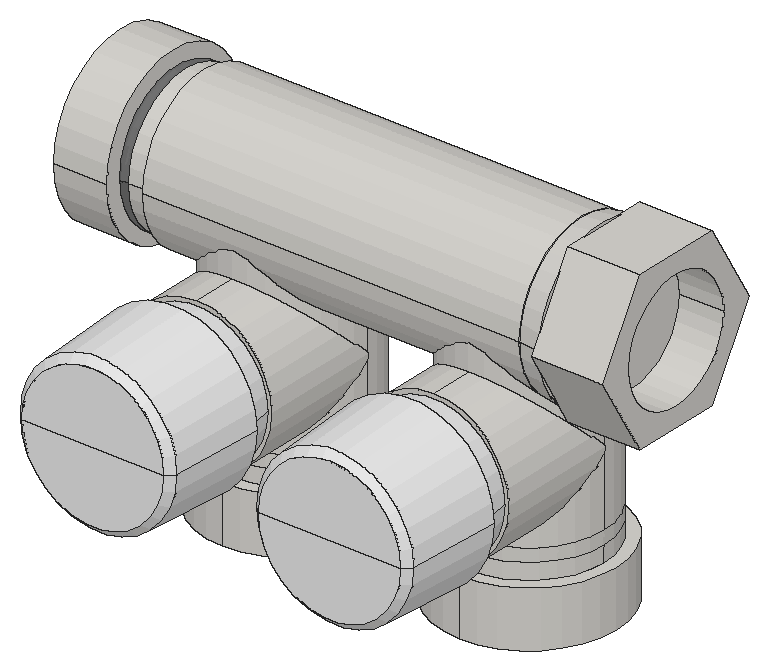
Revit family "a.txt", category Pipe Accessories, Revit 2018
Family settings
  Round Connector Dimension = Use Diameter
  Part Type = Normal
  OmniClass Number = 23.65.00.00
  OmniClass Title = Supply and Distribution of Liquids and Gases
  Work Plane-Based = No
  Always vertical = Yes
  Cut with Voids When Loaded = No
  Shared = No
Parameters (values of type "Defauly - please load Revit Family Type Catalog")
  Youtube clip = ""
  Weight Net (Kg) = "0"  # constant formula
  Void_Inner [instance] = Radius 3_Outer - 2 mm  # 12 mm
  Uniformat II Description = "PLUMBING"  # constant formula
  Uniformat II Code = "D20"  # constant formula
  Uniclass 2015 Name = "Water distribution and supply systems"  # constant formula
  Uniclass 2015 Code = "Ss_55_70"  # constant formula
  Uniclass 2.0 Description = "Piped Supply Elements"  # constant formula
  Uniclass 2.0 Code = "EE-55"  # constant formula
  Uniclass 1.4 Description = "Piped supply systems"  # constant formula
  Uniclass 1.4 Code = "JS"  # constant formula
  URL = "www.pintossi.it"
  UNSPSC Code = "401416"  # constant formula
  Technical description = ""
  State Pippe [instance] = Radius_ Middle Pippe - 0.5 mm  # 12.05 mm
  Region South America = "All"  # constant formula
  Region Oceania = "All"  # constant formula
  Region North America = "All"  # constant formula
  Region Middle East = "All"  # constant formula
  Region Europe = "All"  # constant formula
  Region Asia = "All"  # constant formula
  Region Antarctica = "All"  # constant formula
  Region Africa = "All"  # constant formula
  Radius_End Thread [instance] = Radius_ Middle Pippe + 0.5 mm  # 13.05 mm
  Radius_ Middle Pippe [instance] = Radius 1_Outer + 1 mm  # 12.55 mm
  Radius outer [instance] = Radius 1_Outer + 2 mm  # 13.55 mm
  Radius inner Main = [Main Inlet/Outlet Diameter] / 2  # 9.55 mm
  Radius 3_Inner [instance] = [Inlet/Outlet Diameter] / 2  # 12 mm
  Radius 3_Outer [instance] = Radius 3_Inner + 2 mm  # 14 mm
  Radius 1_Inner [instance] = Radius 1_Outer - 3 mm  # 8.55 mm
  Radius 1_Outer [instance] = [Main Inlet/Outlet Diameter] / 2 + 2 mm  # 11.55 mm
  QR code = "https://www.bimobject.com/pintossi/product/460-modular-distribution-manifold-with-valves"  # constant formula
  Product url = ""
  Product group = "LINEAR MANIFOLDS WITH VALVES"  # constant formula
  Product family = "MANIFOLDS"  # constant formula
  Product data url = "https://www.bimobject.com/pintossi/product/460-modular-distribution-manifold-with-valves"
  Product certification = ""
  Product SKU = "460-MODULAR-DISTRIBUTION-MANIFOLD-WITH-VALVES"  # constant formula
  Product Guid = "22ebe697-08f6-487b-a0da-4981bd81eda1"  # constant formula
  PH: = "Between 7 and 8"  # constant formula
  OmniClass Description = "Manifolds"  # constant formula
  OmniClass Code = "23-39 21 13 21"  # constant formula
  NBS Reference Description = "Piped Supply Elements"  # constant formula
  NBS Reference Code = "55"  # constant formula
  Model = "3/4\" x 24 x 19 - 2 ways - INT38"
  Maximum working temperature = 100 °C  # constant formula
  Maximum working pressure = 10.0 bar  # constant formula
  Maximum percentage of glycol [%] = 30  # constant formula
  Material secondary = ""
  Material main = "Brass"  # constant formula
  Material Product = ""
  Material Gaskets = Pintossi - Rubber - NBR
  Material Cap Protection = Pintossi - Plastic - ABS
  Material Body = Pintossi - Metal - Brass Nickeled CW617N
  Masterformat 2014 Description = "Hydraulic Manifolds"  # constant formula
  Masterformat 2014 Code = "35 20 12.19"  # constant formula
  Manufacturer name = "Pintossi+C"  # constant formula
  Manufacturer country = "Italy"  # constant formula
  Manufacturer = "pintossi+C"  # constant formula
  Main Inlet/Outlet Diameter = 19.1 mm
  Iron (FE): = "< 0,5 mg/kg (< 0,1 mg/kg for steam)\r\n"  # constant formula
  Installation instructions = ""
  Inlet/Outlet Diameter = 24 mm
  IFC Classification = "Distribution Flow Element"  # constant formula
  I = 25.5 mm
  Hexagon Radius [instance] = Hexagon Diameter / 2  # 14.55 mm
  Hexagon Diameter = [Main Inlet/Outlet Diameter] + 10 mm  # 29.1 mm
  H = 89 mm
  Fluid aspect: = "Limpid"  # constant formula
  F = 62 mm
  Edition number = 0
  EAN code = ""
  E = 45 mm
  Diameter 3_Inner [instance] = 19 mm
  Design country = "Italy"  # constant formula
  Description = "Pintossi+C modular manifolds with obliqued valves are the perfect solutions to be used on hydralulic and heating systems.\r\nThe valves assebled on each outlet allow the regulation of the flow and the exclusion of the final device for maintanace works.\r\nThe ergonomic wheelhandle makes the opening/closing operation very easy.\r\nEach manifolds is supplied with specific red and blue labels (hot and cold) for the correct designation of the outlet.\r\nThe sealing is guaranteed by PTM system (Pintossi soft sealing), which allow a quick and safe installation, without the use of additional sealing materials, like hemp of PTFE ribbon, which make possible a self-aligning connection."  # constant formula
  Date of publishing = ""
  Copper (CU): = "< 0,1 mg/kg (< 0,05 mg/kg for steam)"  # constant formula
  Connector Description 4 [instance] = if(not([4-Ways]), "Not available", "Inlet/Outlet")  # "Not available"
  Connector Description 3 [instance] = if(not([3-Ways]), "Not available", "Inlet/Outlet")  # "Not available"
  Conditioning: = "as indicated by the producer"  # constant formula
  COBIe Type Category = ""
  Brand url = "www.pintossi.it"
  BIMobject category = "Plumbing Valves"  # constant formula
  B2 = 38 mm
  B1 = 38 mm
  B = 38 mm
  Application fluids = "Water or glycol solutions"  # constant formula
  Antifreeze: = "Passiveted Propylene Glycol"  # constant formula
  A = 27.5 mm
  4-Ways = no
  3-Ways = no
Reference planes
  plane 1 "Center (Front/Back)": y = 0
  plane 2: z = 0
  plane 3 "Center (Left/Right)": x = 0
  plane 4: x = 89
  plane 5: x = 27.5
  plane 6: x = 65.5
  plane 7: x = 8.5
  plane 8: x = 103.5
  plane 9: x = 141.5
  plane 10: x = 10.5
  plane 11: x = 13.5
  plane 12: x = 77.468
  plane 13: x = 73.925
  plane 14: z = -45
  plane 15: z = -36
  plane 16: z = -33.43
  plane 17: z = -19.5
  plane 18: z = -31.315
  plane 19: y = 40
  plane 20: y = 19.223
  plane 21: y = 23.812
  plane 22: z = 1.573
  plane 23: x = 27.5
  plane 24: z = -19.5
  plane 25: x = 103.5
  plane 26: z = -19.5
  plane 27: x = 141.5
  plane 28: y = -40
  plane 29: y = -19.223
  plane 30: y = -23.812
  plane 31: x = 27.5
  plane 32: x = 65.5
  plane 33: x = 103.5
  plane 34: x = 141.5
  plane 35: z = -19.5
  plane 36: x = 27.5
  plane 37: z = -19.5
  plane 38: x = 65.5
  plane 39: z = -19.5
  plane 40: x = 103.5
  plane 41: z = -19.5
  plane 42: x = 141.5
  plane 43: y = -30.526
  plane 44: y = -19.223
  plane 45: y = -19.223
  plane 46: y = -19.223
  plane 47: y = -19.223
  plane 48: y = -19.223
  plane 49: y = -19.223
  plane 50: y = -19.223
Forms (mm)
  Sweep 1, solid, material "Pintossi - Metal - Brass Nickeled CW617N" <- "Material Body", detail levels fine
    path origin (0, 0, 0) x (1, 0, 0) y (0, 1, 0)
      loop
        line (0, 0) -> (8.5, 0)
    profile origin (4.25, 0, 0) x (0, 1, 0) y (0, 0, 1)
      loop
        circle (0, 0) r 13.55
  Revolve 2, solid, material "Pintossi - Rubber - NBR" <- "Material Gaskets", detail levels fine
    sketch origin (0, 0, 0) x (1, 0, 0) y (0, 1, 0)
      loop
        circle (9.497, 10.55) r 1
      axis (8.497, 0) -> (10.497, 0)
    angle from 0 to 360
  Sweep 3, solid, material "Pintossi - Metal - Brass Nickeled CW617N" <- "Material Body", detail levels fine
    path origin (19.028, -0.997, 0) x (1, 0, 0) y (0, 1, 0)
      loop
        line (-8.528, 0.997) -> (-5.528, 0.997)
    profile origin (12, 0, 0) x (0, 1, 0) y (0, 0, 1)
      loop
        circle (0, 0) r 11.55
  Sweep 4, solid, material "Pintossi - Metal - Brass Nickeled CW617N" <- "Material Body", detail levels fine
    path origin (0, 0, 0) x (1, 0, 0) y (0, 1, 0)
      loop
        line (13.5, 0) -> (73.925, 0)
    profile origin (43.712, 0, 0) x (0, 1, 0) y (0, 0, 1)
      loop
        circle (0, 0) r 12.55
  Sweep 5, solid, material "Pintossi - Metal - Brass Nickeled CW617N" <- "Material Body", detail levels fine
    path origin (0, 0, 0) x (1, 0, 0) y (0, -0.866025, 0.5)
      loop
        line (77.468, 0) -> (89, 0)
    profile origin (83.234, 0, 0) x (0, -0.866025, 0.5) y (0, -0.5, -0.866025)
      loop
        line (0, 14.55) -> (-12.601, 7.275) -> (-12.601, -7.275) -> (0, -14.55) -> (12.601, -7.275) -> (12.601, 7.275) -> (0, 14.55)
  Sweep 6, solid, material "Pintossi - Metal - Brass Nickeled CW617N" <- "Material Body", detail levels fine
    path origin (0, 0, 0) x (1, 0, 0) y (0, 0, 1)
      loop
        line (27.5, -36) -> (27.5, -45)
    profile origin (27.5, 0, -40.5) x (0, -1, 0) y (1, 0, 0)
      loop
        circle (0, 0) r 14
  Sweep 7, solid, material "Pintossi - Metal - Brass Nickeled CW617N" <- "Material Body", detail levels fine
    path origin (0, 0, 0) x (1, 0, 0) y (0, 0, 1)
      loop
        line (27.5, -36) -> (27.5, -33.43)
    profile origin (27.5, 0, -34.715) x (-1, 0, 0) y (0, -1, 0)
      loop
        circle (0, 0) r 12
  SweptBlend 8, solid, material "Pintossi - Metal - Brass Nickeled CW617N" <- "Material Body", detail levels fine
    path origin (0, 0, 0) x (1, 0, 0) y (0, 1, 0)
      loop
        line (73.925, 0) -> (77.468, 0)
    profile origin (73.925, 0, 0) x (0, 1, 0) y (0, 0, 1)
      loop
        circle (0, 0) r 12.55
    end profile origin (77.468, 0, 0) x (0, 1, 0) y (0, 0, 1)
      loop
        circle (0, 0) r 13.05
  Sweep 9, solid, material "Pintossi - Metal - Brass Nickeled CW617N" <- "Material Body", detail levels fine
    path origin (38, 0, 0) x (1, 0, 0) y (0, 0, 1)
      loop
        line (27.5, -36) -> (27.5, -45)
    profile origin (65.5, 0, -40.5) x (0, -1, 0) y (1, 0, 0)
      loop
        circle (0, 0) r 14
  Sweep 10, solid, material "Pintossi - Metal - Brass Nickeled CW617N" <- "Material Body", detail levels fine
    path origin (38, 0, 0) x (1, 0, 0) y (0, 0, 1)
      loop
        line (27.5, -36) -> (27.5, -33.43)
    profile origin (65.5, 0, -34.715) x (-1, 0, 0) y (0, -1, 0)
      loop
        circle (0, 0) r 12
  Sweep 11, solid, material "Pintossi - Metal - Brass Nickeled CW617N" <- "Material Body", visible <- "3-Ways", detail levels fine
    path origin (76, 0, 0) x (1, 0, 0) y (0, 0, 1)
      loop
        line (27.5, -36) -> (27.5, -45)
    profile origin (103.5, 0, -40.5) x (0, -1, 0) y (1, 0, 0)
      loop
        circle (0, 0) r 14
  Sweep 12, solid, material "Pintossi - Metal - Brass Nickeled CW617N" <- "Material Body", visible <- "3-Ways", detail levels fine
    path origin (76, 0, 0) x (1, 0, 0) y (0, 0, 1)
      loop
        line (27.5, -36) -> (27.5, -33.43)
    profile origin (103.5, 0, -34.715) x (-1, 0, 0) y (0, -1, 0)
      loop
        circle (0, 0) r 12
  Sweep 13, solid, material "Pintossi - Metal - Brass Nickeled CW617N" <- "Material Body", visible <- "4-Ways", detail levels fine
    path origin (114, 0, 0) x (1, 0, 0) y (0, 0, 1)
      loop
        line (27.5, -36) -> (27.5, -45)
    profile origin (141.5, 0, -40.5) x (0, -1, 0) y (1, 0, 0)
      loop
        circle (0, 0) r 14
  Sweep 14, solid, material "Pintossi - Metal - Brass Nickeled CW617N" <- "Material Body", visible <- "4-Ways", detail levels fine
    path origin (114, 0, 0) x (1, 0, 0) y (0, 0, 1)
      loop
        line (27.5, -36) -> (27.5, -33.43)
    profile origin (141.5, 0, -34.715) x (-1, 0, 0) y (0, -1, 0)
      loop
        circle (0, 0) r 12
  Sweep 15, solid, material "Pintossi - Metal - Brass Nickeled CW617N" <- "Material Body", detail levels fine
    path origin (0, 0, 0) x (1, 0, 0) y (0, 0, 1)
      loop
        line (27.5, -31.315) -> (27.5, 0)
    profile origin (27.5, 0, -15.658) x (-1, 0, 0) y (0, -1, 0)
      loop
        circle (0, 0) r 12.05
  Sweep 16, solid, material "Pintossi - Metal - Brass Nickeled CW617N" <- "Material Body", detail levels fine
    path origin (38, 0, 0) x (1, 0, 0) y (0, 0, 1)
      loop
        line (27.5, -31.315) -> (27.5, 0)
    profile origin (65.5, 0, -15.658) x (-1, 0, 0) y (0, -1, 0)
      loop
        circle (0, 0) r 12.05
  Sweep 17, solid, material "Pintossi - Metal - Brass Nickeled CW617N" <- "Material Body", visible <- "3-Ways", detail levels fine
    path origin (76, 0, 0) x (1, 0, 0) y (0, 0, 1)
      loop
        line (27.5, -31.315) -> (27.5, 0)
    profile origin (103.5, 0, -15.658) x (-1, 0, 0) y (0, -1, 0)
      loop
        circle (0, 0) r 12.05
  Sweep 18, solid, material "Pintossi - Metal - Brass Nickeled CW617N" <- "Material Body", visible <- "4-Ways", detail levels fine
    path origin (114, 0, 0) x (1, 0, 0) y (0, 0, 1)
      loop
        line (27.5, -31.315) -> (27.5, 0)
    profile origin (141.5, 0, -15.658) x (-1, 0, 0) y (0, -1, 0)
      loop
        circle (0, 0) r 12.05
  SweptBlend 19, solid, material "Pintossi - Metal - Brass Nickeled CW617N" <- "Material Body", detail levels fine
    path origin (55, 0, -58.883) x (-1, 0, 0) y (0, 0, -1)
      loop
        line (27.5, -27.568) -> (27.5, -25.453)
    profile origin (27.5, 0, -31.315) x (0, -1, 0) y (1, 0, 0)
      loop
        circle (0, 0) r 12.05
    end profile origin (27.5, 0, -33.43) x (0, -1, 0) y (1, 0, 0)
      loop
        circle (0, 0) r 12
  Revolve 20, solid, material "Pintossi - Plastic - ABS" <- "Material Cap Protection", not visible, detail levels fine
    sketch origin (0, 0, 1.573) x (1, 0, 0) y (0, 1, 0)
      loop
        line (16.103, 19.223) -> (27.5, 19.223) -> (27.5, 40) -> (16.077, 40) -> (14.912, 38.836) -> (14.125, 23.812) -> (15.294, 23.812) -> (16.103, 19.223)
      axis (27.5, 40) -> (27.5, 19.223)
    angle from 0 to 360
  SweptBlend 21, solid, material "Pintossi - Metal - Brass Nickeled CW617N" <- "Material Body", detail levels fine
    path origin (93, 0, -58.883) x (-1, 0, 0) y (0, 0, -1)
      loop
        line (27.5, -27.568) -> (27.5, -25.453)
    profile origin (65.5, 0, -31.315) x (0, -1, 0) y (1, 0, 0)
      loop
        circle (0, 0) r 12.05
    end profile origin (65.5, 0, -33.43) x (0, -1, 0) y (1, 0, 0)
      loop
        circle (0, 0) r 12
  SweptBlend 22, solid, material "Pintossi - Metal - Brass Nickeled CW617N" <- "Material Body", visible <- "3-Ways", detail levels fine
    path origin (131, 0, -58.883) x (-1, 0, 0) y (0, 0, -1)
      loop
        line (27.5, -27.568) -> (27.5, -25.453)
    profile origin (103.5, 0, -31.315) x (0, -1, 0) y (1, 0, 0)
      loop
        circle (0, 0) r 12.05
    end profile origin (103.5, 0, -33.43) x (0, -1, 0) y (1, 0, 0)
      loop
        circle (0, 0) r 12
  SweptBlend 23, solid, material "Pintossi - Metal - Brass Nickeled CW617N" <- "Material Body", visible <- "4-Ways", detail levels fine
    path origin (169, 0, -58.883) x (-1, 0, 0) y (0, 0, -1)
      loop
        line (27.5, -27.568) -> (27.5, -25.453)
    profile origin (141.5, 0, -31.315) x (0, -1, 0) y (1, 0, 0)
      loop
        circle (0, 0) r 12.05
    end profile origin (141.5, 0, -33.43) x (0, -1, 0) y (1, 0, 0)
      loop
        circle (0, 0) r 12
  Revolve 24, solid, material "Pintossi - Plastic - ABS" <- "Material Cap Protection", visible <- "3-Ways", not visible, detail levels fine
    sketch origin (76, 0, -19.5) x (1, 0, 0) y (0, 1, 0)
      loop
        line (16.103, 19.223) -> (27.5, 19.223) -> (27.5, 40) -> (16.077, 40) -> (14.912, 38.836) -> (14.125, 23.812) -> (15.294, 23.812) -> (16.103, 19.223)
      axis (27.5, 40) -> (27.5, 19.223)
    angle from 0 to 360
  Revolve 25, solid, material "Pintossi - Plastic - ABS" <- "Material Cap Protection", visible <- "4-Ways", not visible, detail levels fine
    sketch origin (114, 0, -19.5) x (1, 0, 0) y (0, 1, 0)
      loop
        line (16.103, 19.223) -> (27.5, 19.223) -> (27.5, 40) -> (16.077, 40) -> (14.912, 38.836) -> (14.125, 23.812) -> (15.294, 23.812) -> (16.103, 19.223)
      axis (27.5, 40) -> (27.5, 19.223)
    angle from 0 to 360
  Sweep 26, solid, material "Pintossi - Metal - Brass Nickeled CW617N" <- "Material Body", detail levels fine
    path origin (0, 0, 0) x (0, -1, 0) y (0, 0, 1)
      loop
        line (0, -19.5) -> (19.223, -19.5)
    profile origin (0, -9.611, -19.5) x (0, 0, -1) y (1, 0, 0)
      loop
        circle (0, 27.55) r 12.05
  Sweep 27, solid, material "Pintossi - Metal - Brass Nickeled CW617N" <- "Material Body", detail levels fine
    path origin (37.95, 0, 0) x (0, -1, 0) y (0, 0, -1)
      loop
        line (0, 19.5) -> (19.223, 19.5)
    profile origin (37.95, -9.611, -19.5) x (0, 0, -1) y (1, 0, 0)
      loop
        circle (0, 27.6) r 12.05
  Sweep 28, solid, material "Pintossi - Metal - Brass Nickeled CW617N" <- "Material Body", visible <- "3-Ways", detail levels fine
    path origin (75.95, 0, 0) x (0, -1, 0) y (0, 0, -1)
      loop
        line (0, 19.5) -> (19.223, 19.5)
    profile origin (75.95, -9.611, -19.5) x (0, 0, -1) y (1, 0, 0)
      loop
        circle (0, 27.6) r 12.05
  Sweep 29, solid, material "Pintossi - Metal - Brass Nickeled CW617N" <- "Material Body", visible <- "4-Ways", detail levels fine
    path origin (113.95, 0, 0) x (0, -1, 0) y (0, 0, -1)
      loop
        line (0, 19.5) -> (19.223, 19.5)
    profile origin (113.95, -9.611, -19.5) x (0, 0, -1) y (1, 0, 0)
      loop
        circle (0, 27.6) r 12.05
  Revolve 30, solid, material "Pintossi - Plastic - ABS" <- "Material Cap Protection", detail levels fine
    sketch origin (0, 0, -19.5) x (1, 0, 0) y (0, 1, 0)
      loop
        line (16.103, -19.223) -> (15.294, -23.812) -> (14.125, -23.812) -> (14.912, -38.836) -> (16.077, -40) -> (27.5, -40) -> (27.5, -19.223) -> (16.103, -19.223)
      axis (27.5, -40) -> (27.5, -19.223)
    angle from 0 to 360
  Revolve 31, solid, material "Pintossi - Plastic - ABS" <- "Material Cap Protection", detail levels fine
    sketch origin (38, 0, -19.5) x (1, 0, 0) y (0, 1, 0)
      loop
        line (16.103, -19.223) -> (15.294, -23.812) -> (14.125, -23.812) -> (14.912, -38.836) -> (16.077, -40) -> (27.5, -40) -> (27.5, -19.223) -> (16.103, -19.223)
      axis (27.5, -40) -> (27.5, -19.223)
    angle from 0 to 360
  Revolve 32, solid, material "Pintossi - Plastic - ABS" <- "Material Cap Protection", visible <- "3-Ways", detail levels fine
    sketch origin (76, 0, -19.5) x (1, 0, 0) y (0, 1, 0)
      loop
        line (16.103, -19.223) -> (15.294, -23.812) -> (14.125, -23.812) -> (14.912, -38.836) -> (16.077, -40) -> (27.5, -40) -> (27.5, -19.223) -> (16.103, -19.223)
      axis (27.5, -40) -> (27.5, -19.223)
    angle from 0 to 360
  Revolve 33, solid, material "Pintossi - Plastic - ABS" <- "Material Cap Protection", visible <- "4-Ways", detail levels fine
    sketch origin (114, 0, -19.5) x (1, 0, 0) y (0, 1, 0)
      loop
        line (16.103, -19.223) -> (15.294, -23.812) -> (14.125, -23.812) -> (14.912, -38.836) -> (16.077, -40) -> (27.5, -40) -> (27.5, -19.223) -> (16.103, -19.223)
      axis (27.5, -40) -> (27.5, -19.223)
    angle from 0 to 360
  Sweep 34, void
    path origin (0, 0, 0) x (1, 0, 0) y (0, 0, 1)
      loop
        line (27.5, -45) -> (27.5, -36)
    profile origin (27.5, 0, -40.5) x (-1, 0, 0) y (0, -1, 0)
      loop
        circle (-0.05, 0) r 12
  Sweep 35, void
    path origin (38, 0, 0) x (1, 0, 0) y (0, 0, 1)
      loop
        line (27.5, -45) -> (27.5, -36)
    profile origin (65.5, 0, -40.5) x (-1, 0, 0) y (0, -1, 0)
      loop
        circle (-0.05, 0) r 12
  Sweep 36, void
    path origin (76, 0, -0.779) x (1, 0, 0) y (0, 0, 1)
      loop
        line (27.5, -44.221) -> (27.5, -35.221)
    profile origin (103.5, 0, -40.5) x (-1, 0, 0) y (0, -1, 0)
      loop
        circle (-0.05, 0) r 12
  Sweep 37, void
    path origin (113.95, 0, -0.779) x (1, 0, 0) y (0, 0, 1)
      loop
        line (27.55, -44.221) -> (27.55, -35.221)
    profile origin (141.5, 0, -40.5) x (-1, 0, 0) y (0, -1, 0)
      loop
        circle (-0.05, 0) r 12
  Sweep 38, void
    path origin (0, 0, 0) x (1, 0, 0) y (0, 1, 0)
      loop
        line (0, 0) -> (5.594, 0)
    profile origin (2.797, 0, 0) x (0, 1, 0) y (0, 0, 1)
      loop
        circle (0, 0) r 9.55
  Sweep 39, void
    path origin (0, 0, 0) x (1, 0, 0) y (0, 1, 0)
      loop
        line (89, 0) -> (81.829, 0)
    profile origin (85.415, 0, 0) x (0, -1, 0) y (0, 0, 1)
      loop
        circle (0, 0) r 9.55
Cuts and joins
  Sweep 34, Sweep 35 cuts Sweep 6
  Sweep 35 cuts Sweep 7
  Sweep 35, Sweep 36 cuts Sweep 9
  Sweep 36 cuts Sweep 10
  Sweep 36, Sweep 37 cuts Sweep 11
  Sweep 37 cuts Sweep 13
  Sweep 38 cuts Sweep 1
  Sweep 39 cuts Sweep 5
Lines and regions (mm)
  model lines, detail levels coarse+medium
    curve 1: line (0, 0, 0) -> (89, 0, 0)
    curve 2: line (27.55, 0, -19.5) -> (27.55, -19.223, -19.5)
    curve 4: line (65.5, 0, -19.5) -> (65.5, -19.223, -19.5)
    curve 19: circle (27.344, -32.43, -19.5) r 13.208 normal (0, 0, 1)
    curve 20: line (27.5, -45.637, -19.5) -> (27.5, -60.794, -19.5)
    curve 21: line (27.5, -60.794, -19.5) -> (22.5, -60.794, -19.5)
    curve 22: line (27.5, -60.794, -19.5) -> (32.5, -60.794, -19.5)
    curve 23: circle (65.344, -32.43, -19.5) r 13.208 normal (0, 0, 1)
    curve 24: line (65.5, -45.637, -19.5) -> (65.5, -60.794, -19.5)
    curve 25: line (65.5, -60.794, -19.5) -> (60.5, -60.794, -19.5)
    curve 26: line (65.5, -60.794, -19.5) -> (70.5, -60.794, -19.5)
    curve 67: line (27.5, 0, 0) -> (27.5, 0, -45)
    curve 68: line (65.5, 0, 0) -> (65.5, 0, -45)
  model lines, visible <- "4-Ways"
    curve 3: line (141.5, 0, 0) -> (141.5, 0, -36)
  model lines, visible <- "3-Ways", detail levels coarse+medium
    curve 5: line (103.5, 0, -19.5) -> (103.5, -19.223, -19.5)
    curve 27: circle (103.344, -32.43, -19.5) r 13.208 normal (0, 0, 1)
    curve 28: line (103.5, -45.637, -19.5) -> (103.5, -60.794, -19.5)
    curve 29: line (103.5, -60.794, -19.5) -> (98.5, -60.794, -19.5)
    curve 30: line (103.5, -60.794, -19.5) -> (108.5, -60.794, -19.5)
    curve 69: line (103.5, 0, 0) -> (103.5, 0, -45)
  model lines, visible <- "4-Ways", detail levels coarse+medium
    curve 6: line (141.5, 0, -19.5) -> (141.5, -19.223, -19.5)
    curve 70: line (141.5, 0, 0) -> (141.5, 0, -45)
    curve 71: circle (141.344, -32.43, -20) r 13.208 normal (0, 0, 1)
    curve 72: line (141.5, -45.637, -20) -> (141.5, -60.794, -20)
    curve 73: line (141.5, -60.794, -20) -> (136.5, -60.794, -20)
    curve 74: line (141.5, -60.794, -20) -> (146.5, -60.794, -20)
  model lines, not visible, detail levels coarse+medium
    curve 7: circle (27.277, -43.734, 0) r 13.208 normal (0, 0, 1)
    curve 8: line (27.434, -56.941, 0) -> (27.434, -72.098, 0)
    curve 9: line (27.434, -72.098, 0) -> (22.434, -72.098, 0)
    curve 10: line (27.434, -72.098, 0) -> (32.434, -72.098, 0)
    curve 11: circle (103.227, -32.43, 0) r 13.208 normal (0, 0, 1)
    curve 12: line (103.384, -45.637, 0) -> (103.384, -60.794, 0)
    curve 13: line (103.384, -60.794, 0) -> (98.384, -60.794, 0)
    curve 14: line (103.384, -60.794, 0) -> (108.384, -60.794, 0)
  model lines, visible <- "3-Ways", not visible, detail levels coarse+medium
    curve 15: circle (141.227, -32.43, 0) r 13.208 normal (0, 0, 1)
    curve 16: line (141.384, -45.637, 0) -> (141.384, -60.794, 0)
    curve 17: line (141.384, -60.794, 0) -> (136.384, -60.794, 0)
    curve 18: line (141.384, -60.794, 0) -> (146.384, -60.794, 0)
  symbolic lines
    curve 31: line (0, 0, 0) -> (89, 0, 0)
    curve 32: circle (27.5, -18.846, 0) r 8.796 normal (0, 0, 1)
    curve 34: circle (65.5, -18.846, 0) r 8.796 normal (0, 0, 1)
    curve 39: line (27.5, -27.641, 0) -> (27.5, -33.781, 0)
    curve 40: line (27.5, -33.781, 0) -> (23.89, -33.781, 0)
    curve 41: line (27.5, -33.781, 0) -> (31.11, -33.781, 0)
    curve 45: line (65.5, -27.641, 0) -> (65.5, -33.781, 0)
    curve 46: line (65.5, -33.781, 0) -> (61.89, -33.781, 0)
    curve 47: line (65.5, -33.781, 0) -> (69.11, -33.781, 0)
    curve 62: line (27.5, -10.05, 0) -> (27.5, 0, 0)
    curve 64: line (65.5, -10.05, 0) -> (65.5, 0, 0)
  symbolic lines, not visible
    curve 33: circle (27.5, -18.846, 0) r 8.796 normal (0, 0, 1)
    curve 42: line (27.5, -27.641, 0) -> (27.5, -33.781, 0)
    curve 43: line (27.5, -33.781, 0) -> (23.89, -33.781, 0)
    curve 44: line (27.5, -33.781, 0) -> (31.11, -33.781, 0)
    curve 63: line (27.5, -10.05, 0) -> (27.5, 0, 0)
  symbolic lines, visible <- "3-Ways"
    curve 35: circle (103.5, -18.846, 0) r 8.796 normal (0, 0, 1)
    curve 48: line (103.5, -27.641, 0) -> (103.5, -33.781, 0)
    curve 49: line (103.5, -33.781, 0) -> (99.89, -33.781, 0)
    curve 50: line (103.5, -33.781, 0) -> (107.11, -33.781, 0)
    curve 60: line (103.5, -10.05, 0) -> (103.5, 0, 0)
  symbolic lines, visible <- "4-Ways"
    curve 36: circle (141.5, -18.846, 0) r 8.796 normal (0, 0, 1)
    curve 54: line (141.5, -27.641, 0) -> (141.5, -33.781, 0)
    curve 55: line (141.5, -33.781, 0) -> (137.89, -33.781, 0)
    curve 56: line (141.5, -33.781, 0) -> (145.11, -33.781, 0)
    curve 65: line (141.5, 0, 0) -> (141.5, -10.05, 0)
  symbolic lines, visible <- "3-Ways", not visible
    curve 37: circle (103.5, -18.846, 0) r 8.796 normal (0, 0, 1)
    curve 51: line (103.5, -27.641, 0) -> (103.5, -33.781, 0)
    curve 52: line (103.5, -33.781, 0) -> (99.89, -33.781, 0)
    curve 53: line (103.5, -33.781, 0) -> (107.11, -33.781, 0)
    curve 61: line (103.5, -10.05, 0) -> (103.5, 0, 0)
  symbolic lines, visible <- "4-Ways", not visible
    curve 38: circle (141.5, -18.846, 0) r 8.796 normal (0, 0, 1)
    curve 57: line (141.5, -27.641, 0) -> (141.5, -33.781, 0)
    curve 58: line (141.5, -33.781, 0) -> (137.89, -33.781, 0)
    curve 59: line (141.5, -33.781, 0) -> (145.11, -33.781, 0)
    curve 66: line (141.5, 0, 0) -> (141.5, -10.05, 0)
  model lines, visible <- "4-Ways", not visible, detail levels coarse+medium
    curve 75: circle (184.394, -32.43, -20) r 13.208 normal (0, 0, 1)
    curve 76: line (184.55, -45.637, -20) -> (184.55, -60.794, -20)
    curve 77: line (184.55, -60.794, -20) -> (179.55, -60.794, -20)
    curve 78: line (184.55, -60.794, -20) -> (189.55, -60.794, -20)
Dimensions and locks
  "H": plane 3 "Center (Left/Right)" to plane 4
  "A": plane 3 "Center (Left/Right)" to plane 5
  "B": plane 5 to plane 6
  "B1": plane 6 to plane 8
  "B2": plane 8 to plane 9
  locked: plane 3 "Center (Left/Right)" to plane 7 at 8.5
  locked: plane 10 to plane 11 at 3
  "Hexagon Radius": Sweep 5 sketch curve to Sweep 5 sketch curve  (x6)
  "Hexagon Radius": Sweep 5 sketch curve to profile plane
  locked: plane 12 to plane 4 at 11.532
  locked: plane 13 to plane 12 at 3.543
  locked: plane 7 to plane 10 at 2
  locked: plane 15 to plane 14 at 9
  "E": level to plane 14
  "I": plane 17 to plane 14
  plane 1 "Center (Front/Back)" to plane 29 = 19.223 mm
  plane 1 "Center (Front/Back)" to plane 28 = 40 mm
  "Radius 1_Outer": Revolve 2 sketch curve to Revolve 2 sketch curve
  locked: Sweep 38 sketch curve to Sweep 38 sketch curve at 5.594
  locked: Sweep 39 sketch curve to Sweep 39 sketch curve at 7.171
  "Radius outer": radius of Sweep 1 sketch curve
  "Radius 1_Outer": radius of Sweep 3 sketch curve
  "Radius_ Middle Pippe": radius of Sweep 4 sketch curve
  "Radius 3_Outer": radius of Sweep 6 sketch curve
  "Radius 3_Inner": radius of Sweep 7 sketch curve
  "Radius_ Middle Pippe": radius of SweptBlend 8 sketch curve
  "Radius_End Thread": radius of SweptBlend 8 sketch curve
  "Radius 3_Outer": radius of Sweep 9 sketch curve
  "Radius 3_Inner": radius of Sweep 10 sketch curve
  "Radius 3_Outer": radius of Sweep 11 sketch curve
  "Radius 3_Inner": radius of Sweep 12 sketch curve
  "Radius 3_Outer": radius of Sweep 13 sketch curve
  "Radius 3_Inner": radius of Sweep 14 sketch curve
  "State Pippe": radius of Sweep 15 sketch curve
  "State Pippe": radius of Sweep 16 sketch curve
  "State Pippe": radius of Sweep 17 sketch curve
  "State Pippe": radius of Sweep 18 sketch curve
  "State Pippe": radius of SweptBlend 19 sketch curve
  "Radius 3_Inner": radius of SweptBlend 19 sketch curve
  "State Pippe": radius of SweptBlend 21 sketch curve
  "Radius 3_Inner": radius of SweptBlend 21 sketch curve
  "State Pippe": radius of SweptBlend 22 sketch curve
  "Radius 3_Inner": radius of SweptBlend 22 sketch curve
  "State Pippe": radius of SweptBlend 23 sketch curve
  "Radius 3_Inner": radius of SweptBlend 23 sketch curve
  "State Pippe": radius of Sweep 26 sketch curve
  "State Pippe": radius of Sweep 27 sketch curve
  "State Pippe": radius of Sweep 28 sketch curve
  "State Pippe": radius of Sweep 29 sketch curve
  radius of Revolve 2 sketch curve = 1 mm
  "Void_Inner": radius of Sweep 34 sketch curve
  "Void_Inner": radius of Sweep 35 sketch curve
  "Void_Inner": radius of Sweep 36 sketch curve
  "Void_Inner": radius of Sweep 37 sketch curve
  "Radius inner Main": radius of Sweep 38 sketch curve
  "Radius inner Main": radius of Sweep 39 sketch curve
  angle Sweep 5 sketch curve to Sweep 5 sketch curve = 120.00°
  locked: Sweep 5 sketch curve to Sweep 5 sketch curve (angle 120.00°)  (x3)
  aligned and locked: level to plane 2
  aligned and locked: plane 3 "Center (Left/Right)" to Sweep 1 sketch curve
  aligned and locked: plane 7 to Sweep 1 sketch curve
  aligned and locked: plane 10 to Sweep 3 sketch curve
  aligned and locked: plane 11 to Sweep 3 sketch curve
  aligned and locked: plane 11 to Sweep 4 sketch curve
  aligned and locked: plane 13 to Sweep 4 sketch curve
  aligned and locked: plane 12 to Sweep 5 sketch curve
  aligned and locked: plane 4 to Sweep 5 sketch curve
  aligned and locked: plane 5 to Sweep 6 sketch curve
  aligned and locked: Sweep 7 sketch curve to plane 5
  aligned and locked: plane 13 to SweptBlend 8 sketch curve
  aligned and locked: plane 12 to SweptBlend 8 sketch curve
  aligned and locked: plane 15 to Sweep 7 sketch curve
  aligned and locked: plane 15 to Sweep 6 sketch curve
  aligned and locked: plane 14 to Sweep 6 sketch curve
  aligned and locked: plane 15 to Sweep 10 sketch curve
  aligned and locked: Sweep 10 sketch curve to plane 6
  aligned and locked: plane 15 to Sweep 9 sketch curve
  aligned and locked: plane 14 to Sweep 9 sketch curve
  aligned and locked: plane 6 to Sweep 9 sketch curve
  aligned and locked: Sweep 12 sketch curve to plane 8
  aligned and locked: plane 15 to Sweep 12 sketch curve
  aligned and locked: plane 15 to Sweep 11 sketch curve
  aligned and locked: plane 14 to Sweep 11 sketch curve
  aligned and locked: plane 8 to Sweep 11 sketch curve
  aligned and locked: plane 15 to Sweep 14 sketch curve
  aligned and locked: Sweep 14 sketch curve to plane 9
  aligned and locked: plane 15 to Sweep 13 sketch curve
  aligned and locked: plane 14 to Sweep 13 sketch curve
  aligned and locked: plane 9 to Sweep 13 sketch curve
  aligned and locked: plane 16 to Sweep 7 sketch curve
  aligned and locked: plane 16 to Sweep 10 sketch curve
  aligned and locked: plane 16 to Sweep 12 sketch curve
  aligned and locked: plane 16 to Sweep 14 sketch curve
  aligned and locked: Sweep 15 sketch curve to plane 5
  aligned and locked: level to Sweep 15 sketch curve
  aligned and locked: Sweep 16 sketch curve to plane 6
  aligned and locked: level to Sweep 16 sketch curve
  aligned and locked: plane 18 to Sweep 16 sketch curve
  aligned and locked: plane 5 to SweptBlend 19 sketch curve
  aligned and locked: plane 18 to SweptBlend 19 sketch curve
  aligned and locked: plane 16 to SweptBlend 19 sketch curve
  aligned and locked: plane 18 to SweptBlend 21 sketch curve
  aligned and locked: plane 16 to SweptBlend 21 sketch curve
  aligned and locked: plane 6 to SweptBlend 21 sketch curve
  aligned and locked: plane 18 to Sweep 17 sketch curve
  aligned and locked: level to Sweep 17 sketch curve
  aligned and locked: level to Sweep 18 sketch curve
  aligned and locked: plane 18 to Sweep 18 sketch curve
  aligned and locked: Sweep 18 sketch curve to plane 9
  aligned and locked: Revolve 30 to plane 35
  aligned and locked: Revolve 31 to plane 37
  aligned and locked: Revolve 32 to plane 39
  aligned and locked: Revolve 33 to plane 41
  aligned and locked: plane 1 "Center (Front/Back)" to Sweep 26 sketch curve
  aligned and locked: plane 29 to Sweep 26 sketch curve
  aligned and locked: Sweep 26 sketch curve to plane 41
  aligned and locked: plane 5 to plane 31
  aligned and locked: Sweep 26 to Sweep 27 sketch curve
  aligned and locked: plane 29 to Sweep 27 sketch curve
  aligned and locked: Sweep 27 sketch curve to plane 41
  aligned and locked: plane 6 to plane 32
  aligned and locked: Sweep 26 to Sweep 28 sketch curve
  aligned and locked: plane 29 to Sweep 28 sketch curve
  aligned and locked: Sweep 28 sketch curve to plane 41
  aligned and locked: plane 8 to plane 33
  aligned and locked: plane 42 to plane 9
  aligned and locked: plane 17 to plane 41
  aligned and locked: plane 40 to plane 8
  aligned and locked: plane 17 to plane 39
  aligned and locked: plane 38 to plane 6
  aligned and locked: plane 17 to plane 37
  aligned and locked: plane 17 to plane 35
  aligned and locked: plane 36 to plane 5
  aligned and locked: plane 1 "Center (Front/Back)" to Sweep 29 sketch curve
  aligned and locked: plane 29 to Sweep 29 sketch curve
  aligned and locked: Sweep 29 sketch curve to plane 41
  aligned and locked: plane 9 to plane 34
  aligned and locked: plane 4 to curve 1
  aligned and locked: level to curve 3
  aligned and locked: plane 15 to curve 3
  aligned and locked: plane 9 to curve 6
  aligned and locked: plane 8 to curve 5
  aligned and locked: plane 6 to curve 4
  aligned and locked: plane 1 "Center (Front/Back)" to curve 4
  aligned and locked: plane 1 "Center (Front/Back)" to curve 5
  aligned and locked: plane 1 "Center (Front/Back)" to curve 6
  aligned and locked: plane 29 to curve 5
  aligned and locked: plane 29 to curve 6
  aligned and locked: plane 29 to curve 4
  aligned and locked: plane 29 to curve 2
  aligned and locked: curve 19 to plane 17
  aligned and locked: curve 23 to plane 17
  aligned and locked: curve 27 to plane 17
  aligned and locked: plane 3 "Center (Left/Right)" to curve 31
  aligned and locked: plane 4 to curve 31
  aligned and locked: plane 1 "Center (Front/Back)" to curve 31
  aligned and locked: plane 6 to curve 45
  aligned and locked: plane 8 to curve 48
  aligned and locked: plane 9 to curve 54
  aligned and locked: plane 5 to curve 20
  aligned and locked: plane 6 to curve 24
  aligned and locked: plane 8 to curve 28
  aligned and locked: plane 5 to curve 67
  aligned and locked: plane 6 to curve 68
  aligned and locked: plane 8 to curve 69
  aligned and locked: plane 9 to curve 70
  aligned and locked: plane 29 to Sweep 29
  aligned and locked: plane 9 to curve 72
  aligned and locked: plane 14 to curve 67
  aligned and locked: plane 14 to curve 68
  aligned and locked: plane 14 to curve 69
  aligned and locked: plane 14 to curve 70
  aligned and locked: curve 62 to plane 5
  aligned and locked: plane 15 to Sweep 34 sketch curve
  aligned and locked: plane 14 to Sweep 34 sketch curve
  aligned and locked: Sweep 34 sketch curve to plane 5
  aligned and locked: Sweep 35 sketch curve to plane 6
  aligned and locked: plane 15 to Sweep 35 sketch curve
  aligned and locked: plane 14 to Sweep 35 sketch curve
  aligned and locked: Sweep 36 sketch curve to plane 8
  aligned and locked: plane 15 to Sweep 36 sketch curve
  aligned and locked: plane 14 to Sweep 36 sketch curve
  aligned and locked: plane 15 to Sweep 37 sketch curve
  aligned and locked: plane 14 to Sweep 37 sketch curve
  aligned and locked: Sweep 37 sketch curve to plane 9
  aligned and locked: plane 3 "Center (Left/Right)" to Sweep 38 sketch curve
  aligned and locked: plane 4 to Sweep 39 sketch curve
Automatic sketch dimensions
  Revolve 20 sketch curve to plane 23 = 0 mm  (x2)
  Revolve 20 sketch curve to plane 23 = 11.397 mm
  Revolve 20 sketch curve to Revolve 20 sketch curve = 0.809 mm
  Revolve 20 sketch curve to plane 23 = 12.588 mm
  Revolve 20 sketch curve to Revolve 20 sketch curve = 1.169 mm
  Revolve 20 sketch curve to Revolve 20 sketch curve = 4.59 mm
  Revolve 20 sketch curve to Revolve 20 sketch curve = 15.023 mm
  Revolve 20 sketch curve to Revolve 20 sketch curve = 1.164 mm
  Revolve 20 sketch curve to Revolve 20 sketch curve = 2.574 mm
  Revolve 20 sketch curve to Revolve 20 sketch curve = 4.14 mm
  Revolve 20 sketch curve to Revolve 20 sketch curve = 0 mm
  Revolve 24 sketch curve to plane 25 = 0 mm  (x2)
  Revolve 24 sketch curve to plane 25 = 11.397 mm
  Revolve 24 sketch curve to Revolve 24 sketch curve = 0.809 mm
  Revolve 24 sketch curve to plane 25 = 12.588 mm
  Revolve 24 sketch curve to Revolve 24 sketch curve = 1.169 mm
  Revolve 24 sketch curve to Revolve 24 sketch curve = 4.59 mm
  Revolve 24 sketch curve to Revolve 24 sketch curve = 15.023 mm
  Revolve 24 sketch curve to Revolve 24 sketch curve = 1.164 mm  (x2)
  Revolve 24 sketch curve to Revolve 24 sketch curve = 2.574 mm
  Revolve 24 sketch curve to Revolve 24 sketch curve = 4.14 mm
  Revolve 25 sketch curve to plane 27 = 0 mm  (x2)
  Revolve 25 sketch curve to plane 27 = 11.397 mm
  Revolve 25 sketch curve to Revolve 25 sketch curve = 0.809 mm
  Revolve 25 sketch curve to plane 27 = 12.588 mm
  Revolve 25 sketch curve to Revolve 25 sketch curve = 1.169 mm
  Revolve 25 sketch curve to Revolve 25 sketch curve = 4.59 mm
  Revolve 25 sketch curve to Revolve 25 sketch curve = 15.023 mm
  Revolve 25 sketch curve to Revolve 25 sketch curve = 1.164 mm  (x2)
  Revolve 25 sketch curve to Revolve 25 sketch curve = 2.574 mm
  Revolve 25 sketch curve to Revolve 25 sketch curve = 4.14 mm
  Revolve 30 sketch curve to plane 36 = 0 mm  (x2)
  Revolve 30 sketch curve to plane 36 = 11.397 mm
  Revolve 30 sketch curve to Revolve 30 sketch curve = 0.809 mm
  Revolve 30 sketch curve to plane 36 = 12.588 mm
  Revolve 30 sketch curve to Revolve 30 sketch curve = 1.169 mm
  Revolve 30 sketch curve to Revolve 30 sketch curve = 4.59 mm
  Revolve 30 sketch curve to Revolve 30 sketch curve = 15.023 mm
  Revolve 30 sketch curve to Revolve 30 sketch curve = 1.164 mm
  Revolve 30 sketch curve to Revolve 30 sketch curve = 2.574 mm
  Revolve 30 sketch curve to Revolve 30 sketch curve = 4.14 mm
  Revolve 30 sketch curve to Revolve 30 sketch curve = 0 mm
  Revolve 31 sketch curve to plane 38 = 0 mm  (x2)
  Revolve 31 sketch curve to plane 38 = 11.397 mm
  Revolve 31 sketch curve to Revolve 31 sketch curve = 0.809 mm
  Revolve 31 sketch curve to plane 38 = 12.588 mm
  Revolve 31 sketch curve to Revolve 31 sketch curve = 1.169 mm
  Revolve 31 sketch curve to Revolve 31 sketch curve = 4.59 mm
  Revolve 31 sketch curve to Revolve 31 sketch curve = 15.023 mm
  Revolve 31 sketch curve to Revolve 31 sketch curve = 1.164 mm
  Revolve 31 sketch curve to Revolve 31 sketch curve = 2.574 mm
  Revolve 31 sketch curve to Revolve 31 sketch curve = 4.14 mm
  Revolve 31 sketch curve to Revolve 31 sketch curve = 0 mm
  Revolve 32 sketch curve to plane 40 = 0 mm  (x2)
  Revolve 32 sketch curve to plane 40 = 11.397 mm
  Revolve 32 sketch curve to Revolve 32 sketch curve = 0.809 mm
  Revolve 32 sketch curve to plane 40 = 12.588 mm
  Revolve 32 sketch curve to Revolve 32 sketch curve = 1.169 mm
  Revolve 32 sketch curve to Revolve 32 sketch curve = 4.59 mm
  Revolve 32 sketch curve to Revolve 32 sketch curve = 15.023 mm
  Revolve 32 sketch curve to Revolve 32 sketch curve = 1.164 mm  (x2)
  Revolve 32 sketch curve to Revolve 32 sketch curve = 2.574 mm
  Revolve 32 sketch curve to Revolve 32 sketch curve = 4.14 mm
  Revolve 33 sketch curve to plane 42 = 0 mm  (x2)
  Revolve 33 sketch curve to plane 42 = 11.397 mm
  Revolve 33 sketch curve to Revolve 33 sketch curve = 0.809 mm
  Revolve 33 sketch curve to plane 42 = 12.588 mm
  Revolve 33 sketch curve to Revolve 33 sketch curve = 1.169 mm
  Revolve 33 sketch curve to Revolve 33 sketch curve = 4.59 mm
  Revolve 33 sketch curve to Revolve 33 sketch curve = 15.023 mm
  Revolve 33 sketch curve to Revolve 33 sketch curve = 1.164 mm  (x2)
  Revolve 33 sketch curve to Revolve 33 sketch curve = 2.574 mm
  Revolve 33 sketch curve to Revolve 33 sketch curve = 4.14 mm
  curve 8 to plane 43 = 41.572 mm
  curve 7 to curve 8 = 0.156 mm
  curve 7 to plane 43 = 13.208 mm
  curve 9 to curve 8 = 5 mm
  curve 10 to curve 10 = 5 mm
  curve 8 to curve 7 = 13.207 mm
  curve 20 to plane 46 = 41.572 mm
  curve 19 to curve 20 = 0.156 mm
  curve 19 to plane 46 = 13.208 mm
  curve 21 to curve 20 = 5 mm
  curve 22 to curve 22 = 5 mm
  curve 20 to curve 19 = 13.207 mm
  curve 35 to curve 48 = 0 mm
  curve 49 to curve 48 = 3.61 mm
  curve 60 to curve 35 = 0 mm
  curve 48 to curve 50 = 3.61 mm
  curve 48 to curve 48 = 6.139 mm
  curve 35 to curve 60 = 8.796 mm
  curve 60 to curve 60 = 10.05 mm
  curve 37 to curve 51 = 0 mm
  curve 52 to curve 51 = 3.61 mm
  curve 61 to curve 37 = 0 mm
  curve 51 to curve 53 = 3.61 mm
  curve 51 to curve 51 = 6.139 mm
  curve 37 to curve 61 = 8.796 mm
  curve 61 to curve 61 = 10.05 mm
  curve 32 to curve 39 = 0 mm
  curve 40 to curve 39 = 3.61 mm
  curve 62 to curve 32 = 0 mm
  curve 39 to curve 41 = 3.61 mm
  curve 39 to curve 39 = 6.139 mm
  curve 32 to curve 62 = 8.796 mm
  curve 62 to curve 62 = 10.05 mm
  curve 33 to curve 42 = 0 mm
  curve 43 to curve 42 = 3.61 mm
  curve 63 to curve 33 = 0 mm
  curve 42 to curve 44 = 3.61 mm
  curve 42 to curve 42 = 6.139 mm
  curve 33 to curve 63 = 8.796 mm
  curve 63 to curve 63 = 10.05 mm
  curve 34 to curve 45 = 0 mm
  curve 46 to curve 45 = 3.61 mm
  curve 64 to curve 34 = 0 mm
  curve 45 to curve 47 = 3.61 mm
  curve 45 to curve 45 = 6.139 mm
  curve 34 to curve 64 = 8.796 mm
  curve 64 to curve 64 = 10.05 mm
  curve 36 to curve 54 = 0 mm
  curve 55 to curve 54 = 3.61 mm
  curve 65 to curve 36 = 0 mm
  curve 54 to curve 56 = 3.61 mm
  curve 54 to curve 54 = 6.139 mm
  curve 36 to curve 65 = 8.796 mm
  curve 65 to curve 65 = 10.05 mm
  curve 38 to curve 57 = 0 mm
  curve 58 to curve 57 = 3.61 mm
  curve 66 to curve 38 = 0 mm
  curve 57 to curve 59 = 3.61 mm
  curve 57 to curve 57 = 6.139 mm
  curve 38 to curve 66 = 8.796 mm
  curve 66 to curve 66 = 10.05 mm
  curve 69 to level = 0 mm
  curve 70 to level = 0 mm
  curve 68 to level = 0 mm
  curve 67 to level = 0 mm
  plane 1 "Center (Front/Back)" to curve 1 = 0 mm
  plane 1 "Center (Front/Back)" to Sweep 1 sketch curve = 0 mm
  plane 1 "Center (Front/Back)" to Sweep 3 sketch curve = 0 mm
  plane 1 "Center (Front/Back)" to Sweep 4 sketch curve = 0 mm
  plane 1 "Center (Front/Back)" to SweptBlend 8 sketch curve = 0 mm
  Sweep 15 sketch curve to plane 18 = 0 mm
  plane 8 to Sweep 17 sketch curve = 0 mm
  plane 8 to SweptBlend 22 sketch curve = 0 mm
  SweptBlend 22 sketch curve to plane 18 = 0 mm
  SweptBlend 22 sketch curve to plane 16 = 0 mm
  plane 9 to SweptBlend 23 sketch curve = 0 mm
  SweptBlend 23 sketch curve to plane 18 = 0 mm
  SweptBlend 23 sketch curve to plane 16 = 0 mm
  plane 1 "Center (Front/Back)" to curve 2 = 0 mm
  curve 2 to plane 5 = 0.05 mm
  curve 3 to plane 1 "Center (Front/Back)" = 0 mm
  curve 3 to plane 15 = 0 mm
  curve 3 to level = 0 mm
  curve 1 to plane 3 "Center (Left/Right)" = 0 mm
  plane 1 "Center (Front/Back)" to Sweep 38 sketch curve = 0 mm
  plane 1 "Center (Front/Back)" to Sweep 39 sketch curve = 0 mm
  Sweep 1 sketch curve to level = 0 mm
  Sweep 1 sketch curve to profile plane = 0 mm
  plane 1 "Center (Front/Back)" to Revolve 2 sketch curve = 0 mm
  Revolve 2 sketch curve to plane 7 = 0.997 mm
  Revolve 2 sketch curve to plane 3 "Center (Left/Right)" = 2.795 mm
  Revolve 2 sketch curve to plane 11 = 4.914 mm
  Sweep 3 sketch curve to level = 0 mm
  Sweep 3 sketch curve to profile plane = 0 mm
  Sweep 4 sketch curve to level = 0 mm
  Sweep 4 sketch curve to profile plane = 0 mm
  profile plane to Sweep 5 sketch curve = 0 mm
  Sweep 6 sketch curve to profile plane = 0 mm
  profile plane to Sweep 6 sketch curve = 0 mm
  Sweep 7 sketch curve to profile plane = 0 mm
  profile plane to Sweep 7 sketch curve = 0 mm
  SweptBlend 8 sketch curve to level = 0 mm  (x2)
  SweptBlend 8 sketch curve to profile plane = 0 mm  (x2)
  Sweep 9 sketch curve to profile plane = 0 mm
  profile plane to Sweep 9 sketch curve = 0 mm
  Sweep 10 sketch curve to profile plane = 0 mm
  profile plane to Sweep 10 sketch curve = 0 mm
  Sweep 11 sketch curve to profile plane = 0 mm
  profile plane to Sweep 11 sketch curve = 0 mm
  Sweep 12 sketch curve to profile plane = 0 mm
  profile plane to Sweep 12 sketch curve = 0 mm
  Sweep 13 sketch curve to profile plane = 0 mm
  profile plane to Sweep 13 sketch curve = 0 mm
  Sweep 14 sketch curve to profile plane = 0 mm
  profile plane to Sweep 14 sketch curve = 0 mm
  plane 1 "Center (Front/Back)" to Sweep 15 sketch curve = 0 mm
  Sweep 15 sketch curve to profile plane = 0 mm
  plane 1 "Center (Front/Back)" to Sweep 16 sketch curve = 0 mm
  Sweep 16 sketch curve to profile plane = 0 mm
  plane 1 "Center (Front/Back)" to Sweep 17 sketch curve = 0 mm
  Sweep 17 sketch curve to profile plane = 0 mm
  plane 1 "Center (Front/Back)" to Sweep 18 sketch curve = 0 mm
  Sweep 18 sketch curve to profile plane = 0 mm
  plane 1 "Center (Front/Back)" to SweptBlend 19 sketch curve = 0 mm  (x2)
  SweptBlend 19 sketch curve to profile plane = 0 mm  (x2)
  plane 1 "Center (Front/Back)" to SweptBlend 21 sketch curve = 0 mm  (x2)
  SweptBlend 21 sketch curve to profile plane = 0 mm  (x2)
  plane 1 "Center (Front/Back)" to SweptBlend 22 sketch curve = 0 mm  (x2)
  SweptBlend 22 sketch curve to profile plane = 0 mm  (x2)
  plane 1 "Center (Front/Back)" to SweptBlend 23 sketch curve = 0 mm  (x2)
  SweptBlend 23 sketch curve to profile plane = 0 mm  (x2)
  Sweep 26 sketch curve to profile plane = 0 mm
  Sweep 26 sketch curve to plane 31 = 0.05 mm
  Sweep 27 sketch curve to profile plane = 0 mm
  Sweep 27 sketch curve to plane 32 = 0.05 mm
  Sweep 28 sketch curve to profile plane = 0 mm
  Sweep 28 sketch curve to plane 33 = 0.05 mm
  Sweep 29 sketch curve to profile plane = 0 mm
  Sweep 29 sketch curve to plane 34 = 0.05 mm
  plane 1 "Center (Front/Back)" to Sweep 34 sketch curve = 0 mm
  profile plane to Sweep 34 sketch curve = 0.05 mm
  plane 1 "Center (Front/Back)" to Sweep 35 sketch curve = 0 mm
  profile plane to Sweep 35 sketch curve = 0.05 mm
  plane 1 "Center (Front/Back)" to Sweep 36 sketch curve = 0 mm
  profile plane to Sweep 36 sketch curve = 0.05 mm
  plane 1 "Center (Front/Back)" to Sweep 37 sketch curve = 0 mm
  profile plane to Sweep 37 sketch curve = 0.05 mm
  Sweep 38 sketch curve to level = 0 mm
  Sweep 38 sketch curve to profile plane = 0 mm
  Sweep 39 sketch curve to level = 0 mm
  Sweep 39 sketch curve to profile plane = 0 mm
Connectors
  piping at (27.5, 0, -45), diameter 24, driven by "Inlet/Outlet Diameter"
    settings: on Sweep 6, index 3, connector inside diameter 2' - 0", connector length 0 mm, flow factor 0, pipe flow 0.0 L/s, pressure drop 0.0 bar, fitting loss kfactor 0, connector angle 0.00°, fixture units 0, engagement length 0 mm, angle of deflection 0.00°, flow configuration 0, flow direction 0, fitting loss method 0, system type 29, joint type 0, gender type 0, connector reference index -1, connector utility 0, adjustable connector no, is connector primary yes, connector description "Inlet/Outlet"
  piping at (103.5, 0, -45), diameter 24, driven by "Inlet/Outlet Diameter", driven by "Connector Description 3"
    settings: on Sweep 11, index 4, connector inside diameter 2' - 0", connector length 0 mm, flow factor 0, pipe flow 0.0 L/s, pressure drop 0.0 bar, fitting loss kfactor 0, connector angle 0.00°, fixture units 0, engagement length 0 mm, angle of deflection 0.00°, flow configuration 0, flow direction 0, fitting loss method 0, system type 29, joint type 0, gender type 0, connector reference index -1, connector utility 0, adjustable connector no, is connector primary no, connector description "Not available"
  piping at (65.5, 0, -45), diameter 24, driven by "Inlet/Outlet Diameter"
    settings: on Sweep 9, index 5, connector inside diameter 2' - 0", connector length 0 mm, flow factor 0, pipe flow 0.0 L/s, pressure drop 0.0 bar, fitting loss kfactor 0, connector angle 0.00°, fixture units 0, engagement length 0 mm, angle of deflection 0.00°, flow configuration 0, flow direction 0, fitting loss method 0, system type 29, joint type 0, gender type 0, connector reference index -1, connector utility 0, adjustable connector no, is connector primary no, connector description "Inlet/Outlet"
  piping at (141.5, 0, -45), diameter 24, driven by "Inlet/Outlet Diameter", driven by "Connector Description 4"
    settings: on Sweep 13, index 6, connector inside diameter 2' - 0", connector length 0 mm, flow factor 0, pipe flow 0.0 L/s, pressure drop 0.0 bar, fitting loss kfactor 0, connector angle 0.00°, fixture units 0, engagement length 0 mm, angle of deflection 0.00°, flow configuration 0, flow direction 0, fitting loss method 0, system type 29, joint type 0, gender type 0, connector reference index -1, connector utility 0, adjustable connector no, is connector primary no, connector description "Not available"
  piping at (0, 0, 0), diameter 19.1, driven by "Main Inlet/Outlet Diameter"
    settings: on Sweep 1, index 7, connector inside diameter 2' - 0", connector length 0 mm, flow factor 0, pipe flow 0.0 L/s, pressure drop 0.0 bar, fitting loss kfactor 0, connector angle 0.00°, fixture units 0, engagement length 0 mm, angle of deflection 0.00°, flow configuration 0, flow direction 0, fitting loss method 0, system type 7, joint type 0, gender type 0, connector reference index -1, connector utility 0, adjustable connector no, is connector primary no, connector description ""
  piping at (89, 0, 0), diameter 19.1, driven by "Main Inlet/Outlet Diameter"
    settings: on Sweep 5, index 8, connector inside diameter 2' - 0", connector length 0 mm, flow factor 0, pipe flow 0.0 L/s, pressure drop 0.0 bar, fitting loss kfactor 0, connector angle 0.00°, fixture units 0, engagement length 0 mm, angle of deflection 0.00°, flow configuration 0, flow direction 0, fitting loss method 0, system type 7, joint type 0, gender type 0, connector reference index -1, connector utility 0, adjustable connector no, is connector primary no, connector description ""
  piping at (89, 0, 0), diameter 19.1, driven by "Main Inlet/Outlet Diameter"
    settings: on cut or joined group of Sweep 5, Sweep 39, index 9, connector inside diameter 2' - 0", connector length 0 mm, flow factor 0, pipe flow 0.0 L/s, pressure drop 0.0 bar, fitting loss kfactor 0, connector angle 0.00°, fixture units 0, engagement length 0 mm, angle of deflection 0.00°, flow configuration 0, flow direction 0, fitting loss method 0, system type 29, joint type 0, gender type 0, connector reference index -1, connector utility 0, adjustable connector no, is connector primary no, connector description ""
